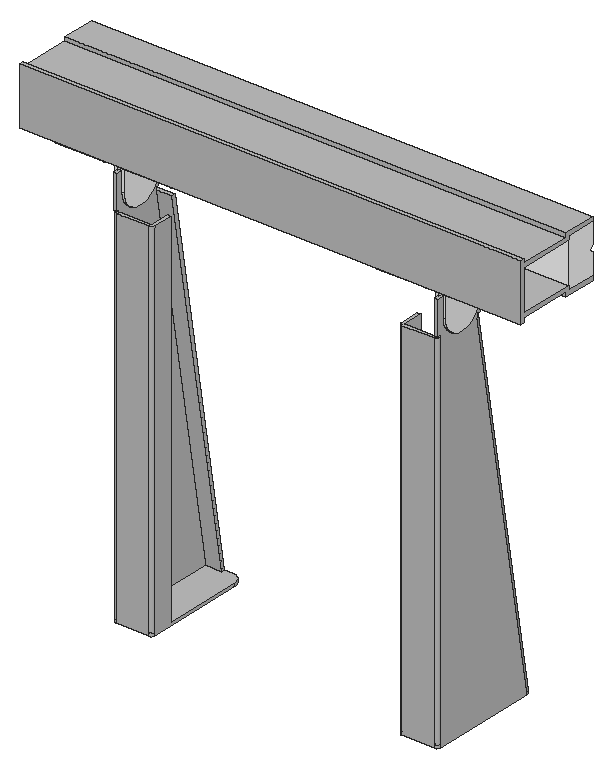
Revit family "4070741+4070746+4070772 Feilo Sylvania Lighting Fixture CURSUS 306MM 192LM WIDE LED 4K with CONTINUOUS WALL HOUSING with 250MM WALL BRACKET", category Lighting Fixtures, host Face, Revit 2017
Family settings
  Host = Face
  Round Connector Dimension = Use Diameter
  Part Type = Normal
  OmniClass Number = 23.80.70.14
  OmniClass Title = Luminaries for External Lighting
  Cut with Voids When Loaded = Yes
  Light Source = No
  Shared = No
  Room Calculation Point = No
Parameters (values of type "4070741 CURSUS 306MM 192LM WIDE LED 4K")
  Weight = "0.6 kg"
  Wattage Comments = "n/a"
  WarrantyStartDate [instance] = "n/a"
  WarrantyGuarantorParts = "n/a"
  WarrantyDurationUnit = "n/a"
  WarrantyDurationParts = "n/a"
  WarrantyDescription = "n/a"
  Voltage = 24 V
  URL = "http://www.sylvania-lighting.com"
  TypeName = "CURSUS 306MM 192LM WIDE LED 4K"
  TypeFixture_FEILO = CURSUS with CONTINUOUS WALL HOUSING : CURSUS 306MM 192LM WIDE LED 4K
  Type Image = <None>
  Type Comments = "n/a"
  TiltAngle [instance] = 0.00°
  StartAngle [instance] = TiltAngle + 270.00°  # 270.00°
  SerialNumber [instance] = "n/a"
  ReflectorMaterial = none
  PowerFactor = 0
  PowerConsumption = "4.5 W"
  NominalLength = 306 mm
  NominalHeight = 50 mm
  NominalDepth = 30 mm
  Name = "CURSUS 306MM 192LM WIDE LED 4K"
  ModelReference = Name  # "CURSUS 306MM 192LM WIDE LED 4K"
  ModelNumber = "4070741"
  Model = Name  # "CURSUS 306MM 192LM WIDE LED 4K"
  Material = "natural anodised extruded aluminium structure housing"
  ManufacturerName = "Feilo Sylvania"
  Manufacturer = "Feilo Sylvania"
  LuminousEfficacy = "42.66 lm/W"
  LuminaireType = ""
  LightOutputRatio = "100"
  LampsType = Lamp  # "LED"
  LampNominalLuminous = "192 lm"
  LampMacAdamStep = "n/a"
  LampColourTemperature = "4000 K"
  LampColourRenderingIndex = "80"
  Lamp = "LED"
  Keynote = "16500"
  InstallationDate [instance] = "n/a"
  InputVoltage = "24V DC"
  InputNominalFrequency = "n/a"
  IngressProtection = "IP67"
  ImpactProtectionIndex = "IK07"
  IfcExportType = "IfcLightFixtureType"
  IfcExportAs = "IfcLightFixtureType"
  ExpectedLife = 50000
  EndAngle [instance] = StartAngle - 180.00°  # 90.00°
  ElectricShockClassification = "Class III"
  DurationUnit = "hours"
  DocumentationLiterature = "http://www.sylvania-lighting.com/product/en-int/products/4070741"
  DimmingControlOptions = "n/a"
  DiffuserMaterial = Diffuser-Sylvania-Glow
  Description = "LED Exterior Lighting Recessed Surface Mounted Linear Fixture, Natural anodised extruded aluminium structure. Die-cast aluminium end caps. Installation kit with harmonic steel springs., 192 lm, 4,5W,  42lm/W, 4000K, CRI80+,non dimmable,IP67, IK07, (HxWxD) 306x50x30mm, 3 step Mac Adam Ellipse, 0.6kg,, Classe III, 21-25V-DC, energy class : A++, A+, A"
  Default Elevation = 1219.2 mm
  CreatedOn = "1/8/2018"
  CreatedBy = ""
  Cost = 0
  built-in parameter 1114216 [instance] = (empty or 0)
  ClassificationValue = "EF_70_80"
  ClassificationName = "Uniclass2015"
  BracketWidth = 24 mm
  BracketThickness = 2 mm
  BracketHeightEnd = 32 mm
  BracketHeight = 70 mm
  BracketFlange = BracketHeight / 5  # 14 mm
  BracketExtension = 250 mm
  BracketEndReduction = 25 mm
  BracketC = 22 mm  # constant formula
  BracketDistance = 175 mm
  BracketD = BracketHeightEnd - (BracketC * (BracketHeight - BracketHeightEnd) / (BracketExtension - BracketEndReduction))  # 28.284 mm
  BodyMaterial = Body-Sylvania-Gray
  BarCode [instance] = "n/a"
  AssetType = "Fixed"
  AssetIdentifier [instance] = "n/a"
  Assembly Code = "D5020200"
  Apparent Load = 4.5 VA
  AccessoryMaterial = Diffuser-Sylvania-Glow
Reference planes
  plane 1 "Center (Front/Back)": y = 0
  plane 2: z = 0
  plane 3 "Center (Left/Right)": x = 0
  plane 4: x = -99.5
  plane 5: x = 99.5
  plane 6: y = 70
  plane 7: x = -75.5
  plane 8: x = 75.5
  plane 9: z = 250
  plane 10: z = 236
  plane 11: z = 2
  plane 12: z = 225
  plane 13: x = -97.5
  plane 14: y = 68
  plane 15: y = 2
  plane 16: x = -77.5
  plane 17: x = 77.5
  plane 18: x = 97.5
  plane 19: x = -87.5
  plane 20: x = 87.5
  plane 21: y = 14
  plane 22: y = 32
  plane 23: y = 30
  plane 24: z = 247
  plane 25: y = 28.284
  plane 26: y = 16
Forms (mm)
  Blend 1, solid, material "Body-Sylvania-Gray" <- "BodyMaterial"
    base sketch origin (1223.4, -4572, 2) x (0, -1, 0) y (1, 0, 0)
      loop
        line (-4640, -1310.9) -> (-4642, -1310.9) -> (-4642, -1320.9)
        arc (-4642, -1320.9) -> (-4641.414, -1322.314) -> (-4640, -1322.9) r 2
        line (-4640, -1322.9) -> (-4574, -1322.9)
        arc (-4574, -1322.9) -> (-4572.586, -1322.314) -> (-4572, -1320.9) r 2
        line (-4572, -1320.9) -> (-4572, -1300.9)
        arc (-4572, -1300.9) -> (-4572.586, -1299.486) -> (-4574, -1298.9) r 2
        line (-4574, -1298.9) -> (-4586, -1298.9) -> (-4586, -1300.9) -> (-4574, -1300.9) -> (-4574, -1320.9) -> (-4640, -1320.9) -> (-4640, -1310.9)
    top sketch origin (1223.4, -4572, 2) x (0, -1, 0) y (1, 0, 0)
      loop
        line (-4586, -1300.9) -> (-4574, -1300.9) -> (-4574, -1320.9) -> (-4602, -1320.9) -> (-4602, -1310.9) -> (-4604, -1310.9) -> (-4604, -1320.9)
        arc (-4604, -1320.9) -> (-4603.52, -1322.21) -> (-4602.309, -1322.9) r 2.028
        line (-4602.309, -1322.9) -> (-4574, -1322.9)
        arc (-4574, -1322.9) -> (-4572.586, -1322.314) -> (-4572, -1320.9) r 2
        line (-4572, -1320.9) -> (-4572, -1300.9)
        arc (-4572, -1300.9) -> (-4572.586, -1299.486) -> (-4574, -1298.9) r 2
        line (-4574, -1298.9) -> (-4586, -1298.9) -> (-4586, -1300.9)
    from 0 to 223
  Extrusion 2, solid, material "Body-Sylvania-Gray" <- "BodyMaterial"
    sketch origin (0, 0, 0) x (1, 0, 0) y (0, 1, 0)
      loop
        arc (-97.5, 70) -> (-98.914, 69.414) -> (-99.5, 68) r 2
        line (-99.5, 68) -> (-99.5, 2)
        arc (-99.5, 2) -> (-98.914, 0.586) -> (-97.5, 0) r 2
        line (-97.5, 0) -> (-77.5, 0)
        arc (-77.5, 0) -> (-76.086, 0.586) -> (-75.5, 2) r 2
        line (-75.5, 2) -> (-75.5, 62.5)
        arc (-75.5, 62.5) -> (-77.697, 67.803) -> (-83, 70) r 7.5
        line (-83, 70) -> (-97.5, 70)
      loop
        line (97.5, 70) -> (83, 70)
        arc (83, 70) -> (77.697, 67.803) -> (75.5, 62.5) r 7.5
        line (75.5, 62.5) -> (75.5, 2)
        arc (75.5, 2) -> (76.086, 0.586) -> (77.5, 0) r 2
        line (77.5, 0) -> (97.5, 0)
        arc (97.5, 0) -> (98.914, 0.586) -> (99.5, 2) r 2
        line (99.5, 2) -> (99.5, 68)
        arc (99.5, 68) -> (98.914, 69.414) -> (97.5, 70) r 2
    from 0 to 2
  Blend 3, solid, material "Body-Sylvania-Gray" <- "BodyMaterial"
    base sketch origin (1223.4, -4572, 2) x (0, -1, 0) y (1, 0, 0)
      loop
        line (-4640, -1125.9) -> (-4574, -1125.9) -> (-4574, -1145.9) -> (-4586, -1145.9) -> (-4586, -1147.9) -> (-4574, -1147.9)
        arc (-4574, -1147.9) -> (-4572.586, -1147.314) -> (-4572, -1145.9) r 2
        line (-4572, -1145.9) -> (-4572, -1125.9)
        arc (-4572, -1125.9) -> (-4572.586, -1124.486) -> (-4574, -1123.9) r 2
        line (-4574, -1123.9) -> (-4640, -1123.9)
        arc (-4640, -1123.9) -> (-4641.414, -1124.486) -> (-4642, -1125.9) r 2
        line (-4642, -1125.9) -> (-4642, -1135.9) -> (-4640, -1135.9) -> (-4640, -1125.9)
    top sketch origin (1223.4, -4572, 2) x (0, -1, 0) y (1, 0, 0)
      loop
        line (-4602, -1135.9) -> (-4602, -1125.9) -> (-4574, -1125.9) -> (-4574, -1145.9) -> (-4586, -1145.9) -> (-4586, -1147.9) -> (-4574, -1147.9)
        arc (-4574, -1147.9) -> (-4572.586, -1147.314) -> (-4572, -1145.9) r 2
        line (-4572, -1145.9) -> (-4572, -1125.9)
        arc (-4572, -1125.9) -> (-4572.586, -1124.486) -> (-4574, -1123.9) r 2
        line (-4574, -1123.9) -> (-4602, -1123.9)
        arc (-4602, -1123.9) -> (-4603.414, -1124.486) -> (-4604, -1125.9) r 2
        line (-4604, -1125.9) -> (-4604, -1135.9) -> (-4602, -1135.9)
    from 0 to 223
  Blend 4, solid, material "Body-Sylvania-Gray" <- "BodyMaterial"
    base sketch origin (1223.4, -4572, 225) x (0, -1, 0) y (1, 0, 0)
      loop
        line (-4604, -1322.9) -> (-4572, -1322.9) -> (-4572, -1320.9) -> (-4604, -1320.9) -> (-4604, -1322.9)
    top sketch origin (1223.4, -4572, 225) x (0, -1, 0) y (1, 0, 0)
      loop
        line (-4572, -1322.9) -> (-4572, -1320.9) -> (-4600.284, -1320.9) -> (-4600.284, -1322.9) -> (-4572, -1322.9)
    from 0 to 22
  Blend 5, solid, material "Body-Sylvania-Gray" <- "BodyMaterial"
    base sketch origin (1223.4, -4572, 225) x (0, -1, 0) y (1, 0, 0)
      loop
        line (-4604, -1125.9) -> (-4572, -1125.9) -> (-4572, -1123.9) -> (-4604, -1123.9) -> (-4604, -1125.9)
    top sketch origin (1223.4, -4572, 225) x (0, -1, 0) y (1, 0, 0)
      loop
        line (-4572, -1123.9) -> (-4600.284, -1123.9) -> (-4600.284, -1125.9) -> (-4572, -1125.9) -> (-4572, -1123.9)
    from 0 to 22
  Extrusion 6, void
    sketch origin (0, 0, 0) x (0, 1, 0) y (0, 0, 1)
      loop
        line (0, 225) -> (2, 225) -> (2, 226.5) -> (0, 226.5) -> (0, 225)
      loop
        line (32, 225) -> (32, 226.5) -> (30, 226.5) -> (30, 225) -> (32, 225)
    from -99.5 to 99.5
  Revolve 7, solid, not visible
    sketch origin (1524, 16, 1219.2) x (1, 0, 0) y (0, 0, 1)
      loop
        line (-1524, -972.2) -> (-1524, -983.2) -> (-1436.5, -983.2) -> (-1436.5, -972.2) -> (-1524, -972.2)
      axis (-1436.5, -983.2) -> (-1524, -983.2)
    angle from 270 <- "StartAngle" to 90 <- "EndAngle"
Cuts and joins
  Extrusion 6 cuts Blend 4
  Extrusion 6 cuts Blend 5
  joined: Blend 1, Extrusion 2, Blend 3, Blend 4, Blend 5
Lines and regions (mm)
  reference lines, not visible
    curve 1: line (-75.5, 16, 236) -> (75.5, 16, 236)
Dimensions and locks
  equal spacing: plane 4, plane 3 "Center (Left/Right)", plane 5
  "BracketDistance": plane 19 to plane 20
  "BracketHeight": plane 1 "Center (Front/Back)" to plane 6
  equal spacing: plane 7, plane 3 "Center (Left/Right)", plane 8
  "BracketWidth": plane 4 to plane 7
  "BracketExtension": plane 9 to plane 2
  "BracketThickness": plane 11 to plane 2
  "BracketEndReduction": plane 9 to plane 12
  equal spacing: plane 13, plane 3 "Center (Left/Right)", plane 18
  equal spacing: plane 16, plane 3 "Center (Left/Right)", plane 17
  "BracketThickness": plane 4 to plane 13
  "BracketThickness": plane 16 to plane 7
  "BracketThickness": plane 14 to plane 6
  "BracketThickness": plane 1 "Center (Front/Back)" to plane 15
  equal spacing: plane 4, plane 19, plane 7
  equal spacing: plane 8, plane 20, plane 5
  "BracketFlange": plane 1 "Center (Front/Back)" to plane 21
  "BracketHeightEnd": plane 1 "Center (Front/Back)" to plane 22
  "BracketThickness": plane 23 to plane 22
  locked: Extrusion 2 sketch curve to plane 7 at 7.5
  locked: Extrusion 2 sketch curve to plane 6 at 7.5  (x2)
  locked: plane 8 to Extrusion 2 sketch curve at 7.5
  "BracketC": plane 24 to plane 12
  "BracketD": plane 1 "Center (Front/Back)" to plane 25
  locked: plane 12 to Extrusion 6 sketch curve at 1.5
  equal spacing: plane 24, plane 10, plane 12
  equal spacing: plane 1 "Center (Front/Back)", plane 26, plane 22
  aligned and locked: plane 2 to host face
  aligned and locked: level to host face
  aligned and locked: plane 4 to Blend 1 sketch curve  (x2)
  aligned and locked: plane 13 to Blend 1 sketch curve  (x3)
  aligned and locked: Blend 1 sketch curve to plane 15
  aligned and locked: Blend 1 sketch curve to plane 16
  aligned and locked: Blend 1 sketch curve to plane 21
  aligned and locked: plane 7 to Blend 1 sketch curve
  aligned and locked: plane 16 to Blend 1 sketch curve
  aligned and locked: plane 1 "Center (Front/Back)" to Blend 1 sketch curve
  aligned and locked: plane 14 to Blend 1 sketch curve
  aligned and locked: Blend 1 sketch curve to var sketch  (x6)
  aligned and locked: Blend 1 sketch curve to plane 19
  aligned and locked: Blend 1 sketch curve to plane 22
  aligned and locked: plane 23 to Blend 1 sketch curve
  aligned and locked: plane 11 to Blend 1
  aligned and locked: Extrusion 2 sketch curve to Blend 1  (x3)
  aligned and locked: Extrusion 2 to level
  aligned and locked: Extrusion 2 to plane 11
  aligned and locked: Extrusion 2 sketch curve to plane 7
  aligned and locked: plane 18 to Blend 3 sketch curve  (x4)
  aligned and locked: plane 14 to Blend 3 sketch curve  (x2)
  aligned and locked: Blend 3 sketch curve to plane 20
  aligned and locked: Blend 3 sketch curve to plane 6
  aligned and locked: plane 5 to Blend 3 sketch curve
  aligned and locked: plane 1 "Center (Front/Back)" to Blend 3 sketch curve
  aligned and locked: plane 15 to Blend 3 sketch curve  (x2)
  aligned and locked: Blend 3 sketch curve to plane 8
  aligned and locked: Blend 3 sketch curve to plane 21
  aligned and locked: plane 17 to Blend 3 sketch curve
  aligned and locked: Blend 3 sketch curve to plane 18
  aligned and locked: plane 20 to Blend 3 sketch curve  (x2)
  aligned and locked: Blend 3 sketch curve to plane 23
  aligned and locked: Blend 3 sketch curve to var sketch  (x8)
  aligned and locked: var sketch to Blend 3 sketch curve
  aligned and locked: plane 22 to Blend 3 sketch curve
  aligned and locked: plane 11 to Blend 3
  aligned and locked: Extrusion 2 sketch curve to Blend 3  (x4)
  aligned and locked: Blend 1 to plane 12
  aligned and locked: Blend 3 to plane 12
  aligned and locked: Blend 4 sketch curve to plane 22
  aligned and locked: Blend 4 sketch curve to cut or joined group of Blend 1, Extrusion 2, Blend 3, Blend 4, Blend 5, Extrusion 6  (x2)
  aligned and locked: cut or joined group of Blend 1, Extrusion 2, Blend 3, Blend 4, Blend 5, Extrusion 6 to Blend 4 sketch curve
  aligned and locked: Blend 4 sketch curve to var sketch  (x2)
  aligned and locked: Blend 4 sketch curve to plane 13
  aligned and locked: Blend 4 to plane 24
  aligned and locked: Blend 4 sketch curve to plane 25
  aligned and locked: Blend 5 sketch curve to plane 18  (x2)
  aligned and locked: plane 1 "Center (Front/Back)" to Blend 5 sketch curve
  aligned and locked: plane 5 to Blend 5 sketch curve
  aligned and locked: plane 22 to Blend 5 sketch curve
  aligned and locked: Blend 5 sketch curve to var sketch
  aligned and locked: var sketch to Blend 5 sketch curve
  aligned and locked: Blend 5 sketch curve to plane 25
  aligned and locked: Blend 5 to plane 24
  aligned and locked: plane 12 to Blend 5
  aligned and locked: Extrusion 6 sketch curve to cut or joined group of Blend 1, Extrusion 2, Blend 3, Blend 4, Blend 5, Extrusion 6  (x2)
  aligned and locked: Extrusion 6 sketch curve to Extrusion 6 sketch curve
  aligned and locked: Extrusion 6 sketch curve to plane 15
  aligned and locked: plane 5 to Extrusion 6
  aligned and locked: Extrusion 6 to plane 4
  aligned and locked: Extrusion 6 sketch curve to plane 23
  aligned and locked: Revolve 7 sketch curve to plane 10  (x2)
  aligned and locked: plane 24 to Revolve 7 sketch curve
  aligned and locked: plane 3 "Center (Left/Right)" to Revolve 7 sketch curve
  aligned and locked: Revolve 7 sketch curve to plane 20
  aligned and locked: plane 7 to curve 1
  aligned and locked: plane 10 to curve 1
  aligned and locked: nested 1 to plane 5
  aligned and locked: nested 2 to plane 4
  aligned and locked: nested 1 to curve 1
  aligned and locked: nested 2 to curve 1
  aligned and locked: nested 3 to plane 3 "Center (Left/Right)"
  aligned and locked: nested 1 to nested 3
Automatic sketch dimensions
  host sketch curve to host sketch curve = 2438.4 mm  (x2)
  Blend 1 sketch curve to plane 13 = 0 mm
  plane 15 to Blend 1 sketch curve = 0 mm  (x3)
  Blend 1 sketch curve to plane 23 = 0.309 mm
  plane 6 to Blend 1 sketch curve = 0 mm
  plane 14 to Blend 1 sketch curve = 0 mm
  Blend 1 sketch curve to plane 19 = 0 mm
  Blend 3 sketch curve to plane 17 = 0 mm
  Extrusion 6 sketch curve to plane 1 "Center (Front/Back)" = 0 mm
  plane 12 to Extrusion 6 sketch curve = 0 mm
  Revolve 7 sketch curve to plane 4 = 1153 mm
  plane 5 to Revolve 7 sketch curve = 1161.4 mm
  curve 1 to plane 8 = 0 mm
Nested families
  nested 1: "MountingPlate" at (98.5, 16, 236) x (-1, 0, 0) z (0, 0, 1), type "MountingPlate"
  nested 2: "MountingPlate" at (-98.5, 16, 236) x (-1, 0, 0) z (0, 0, 1), type "MountingPlate"
  nested 3: "CURSUS with CONTINUOUS WALL HOUSING" at (0, -4, 254) x (-1, 0, 0) z (0, 0, 1), type <- "TypeFixture_FEILO", type "CURSUS 306MM 192LM WIDE LED 4K"
    with WarrantyStartDate "n/a", SerialNumber "n/a", InstallationDate "n/a", EndCapRight no, EndCapLeft no, built-in parameter 1114216 (empty or 0), BarCode "n/a", AssetIdentifier "n/a"
Connectors
  electrical at (0, 0, 0), driven by "Voltage", driven by "Apparent Load", driven by "PowerFactor"
    settings: index 1, voltage 24 V, apparent load 4.5 VA, apparent load phase1 0 VA, apparent load phase2 0 VA, apparent load phase3 0 VA, power factor 0, load classification "Other", number of poles 1, system type 30, power factor state 1, is connector primary yes, connector utility no, sub classification motor no, connector description ""
Definition of nested family "MountingPlate"
  Parameters (values of type "MountingPlate")
    URL = "http://www.feilosylvania.com"
    Type Comments = "n/a"
    ReflectorMaterial = none
    MountingPlateWidth = 76 mm
    MountingPlateThickness = 2 mm
    MountingPlateRadiusBack = 12 mm
    MountingPlateRadius = 3 mm
    MountingPlateHeight = 35 mm
    Model = "n/a"
    Manufacturer = "Feilo Sylvania"
    Keynote = "n/a"
    DiffuserMaterial = none
    Description = "n/a"
    Default Elevation = 1219.2 mm
    Cost = 0
    BodyMaterial = none
    Assembly Code = "n/a"
    AccessoryMaterial = none
  Reference planes
    plane 1 "Center (Front/Back)": y = 0
    plane 2: z = 0
    plane 3 "Center (Left/Right)": x = 0
    plane 4: x = -38
    plane 5: x = 38
    plane 6: y = 17.5
    plane 7: y = -17.5
    plane 8: x = -3
    plane 9: x = 3
    plane 10: z = 18
    plane 11: z = 16
    plane 12: y = 12.5
    plane 13: y = -12.5
    plane 14: x = -1
    plane 15: x = 1
    plane 16: z = -12.5
    plane 17: z = -14.5
  Forms (mm)
    Extrusion 1, solid
      sketch origin (1.653, 0, 0) x (1, 0, 0) y (0, 1, 0)
        loop
          line (-1219.2, 1219.2) -> (-1219.2, -1219.2) -> (1219.2, -1219.2) -> (1219.2, 1219.2) -> (-1219.2, 1219.2)
      from 0 to -304.8
    Extrusion 2, solid, material <- "BodyMaterial"
      sketch origin (1218.4, -4572, 16) x (0, -1, 0) y (-1, 0, 0)
        loop
          line (-4589.5, 1253.4) -> (-4589.5, 1224.4)
          arc (-4589.5, 1224.4) -> (-4588.621, 1222.279) -> (-4586.5, 1221.4) r 3
          line (-4586.5, 1221.4) -> (-4557.5, 1221.4)
          arc (-4557.5, 1221.4) -> (-4555.379, 1222.279) -> (-4554.5, 1224.4) r 3
          line (-4554.5, 1224.4) -> (-4554.5, 1253.4)
          arc (-4554.5, 1253.4) -> (-4555.379, 1255.521) -> (-4557.5, 1256.4) r 3
          line (-4557.5, 1256.4) -> (-4586.5, 1256.4)
          arc (-4586.5, 1256.4) -> (-4588.621, 1255.521) -> (-4589.5, 1253.4) r 3
        loop
          arc (-4589.5, 1183.4) -> (-4588.621, 1181.279) -> (-4586.5, 1180.4) r 3
          line (-4586.5, 1180.4) -> (-4557.5, 1180.4)
          arc (-4557.5, 1180.4) -> (-4555.379, 1181.279) -> (-4554.5, 1183.4) r 3
          line (-4554.5, 1183.4) -> (-4554.5, 1212.4)
          arc (-4554.5, 1212.4) -> (-4555.379, 1214.521) -> (-4557.5, 1215.4) r 3
          line (-4557.5, 1215.4) -> (-4586.5, 1215.4)
          arc (-4586.5, 1215.4) -> (-4588.621, 1214.521) -> (-4589.5, 1212.4) r 3
          line (-4589.5, 1212.4) -> (-4589.5, 1183.4)
      from 0 to -2
    Extrusion 3, solid, material <- "BodyMaterial"
      sketch origin (0, 0, 0) x (1, 0, 0) y (0, 0, 1)
        loop
          line (-3, 18) -> (-3, -12.5) -> (-1, -12.5) -> (-1, 16)
          arc (-1, 16) -> (-1.586, 17.414) -> (-3, 18) r 2
        loop
          line (3, -12.5) -> (3, 18)
          arc (3, 18) -> (1.586, 17.414) -> (1, 16) r 2
          line (1, 16) -> (1, -12.5) -> (3, -12.5)
      from -12.5 to 12.5
    Extrusion 4, void
      sketch origin (0, 0, 0) x (0, 1, 0) y (0, 0, 1)
        loop
          line (-12.5, -0.5) -> (-17.5, -0.5) -> (-17.5, -14.5) -> (-0.5, -14.5) -> (-0.5, -12.5)
          arc (-0.5, -12.5) -> (-8.985, -8.985) -> (-12.5, -0.5) r 12
        loop
          line (0.5, -12.5) -> (0.5, -14.5) -> (17.5, -14.5) -> (17.5, -0.5) -> (12.5, -0.5)
          arc (12.5, -0.5) -> (8.985, -8.985) -> (0.5, -12.5) r 12
      from -3 to 3
  Cuts and joins
    Extrusion 4 cuts Extrusion 2
    Extrusion 4 cuts Extrusion 3
    joined: Extrusion 2, Extrusion 3
  Lines and regions (mm)
    reference lines
      curve 1: line (-38, 0, 0) -> (38, 0, 0)
  Dimensions and locks
    equal spacing: plane 4, plane 3 "Center (Left/Right)", plane 5
    "MountingPlateWidth": plane 4 to plane 5
    equal spacing: plane 7, plane 1 "Center (Front/Back)", plane 6
    "MountingPlateHeight": plane 7 to plane 6
    equal spacing: plane 8, plane 3 "Center (Left/Right)", plane 9
    "MountingPlateHeight": plane 4 to plane 8
    locked: plane 10 to plane 2 at 18
    "MountingPlateThickness": plane 10 to plane 11
    equal spacing: plane 13, plane 1 "Center (Front/Back)", plane 12
    locked: plane 13 to plane 12 at 25
    "MountingPlateRadius": plane 4 to Extrusion 2 sketch curve  (x2)
    "MountingPlateRadius": Extrusion 2 sketch curve to plane 6  (x4)
    "MountingPlateRadius": Extrusion 2 sketch curve to plane 8  (x2)
    "MountingPlateRadius": plane 7 to Extrusion 2 sketch curve  (x4)
    "MountingPlateRadius": plane 9 to Extrusion 2 sketch curve  (x2)
    "MountingPlateRadius": Extrusion 2 sketch curve to plane 5  (x2)
    equal spacing: plane 15, plane 3 "Center (Left/Right)", plane 14
    "MountingPlateThickness": plane 14 to plane 8
    locked: plane 2 to plane 16 at 12.5
    locked: plane 17 to plane 16 at 2
    "MountingPlateRadiusBack": plane 13 to Extrusion 4 sketch curve
    "MountingPlateRadiusBack": plane 16 to Extrusion 4 sketch curve  (x2)
    "MountingPlateRadiusBack": Extrusion 4 sketch curve to plane 12
    aligned and locked: plane 2 to Extrusion 1
    aligned and locked: level to Extrusion 1
    aligned and locked: Extrusion 2 sketch curve to plane 6
    aligned and locked: Extrusion 2 sketch curve to plane 4
    aligned and locked: plane 7 to Extrusion 2 sketch curve
    aligned and locked: plane 8 to Extrusion 2 sketch curve
    aligned and locked: plane 6 to Extrusion 2 sketch curve
    aligned and locked: Extrusion 2 sketch curve to plane 5
    aligned and locked: Extrusion 2 sketch curve to plane 7
    aligned and locked: plane 9 to Extrusion 2 sketch curve
    aligned and locked: Extrusion 2 to plane 10
    aligned and locked: plane 11 to Extrusion 2
    aligned and locked: Extrusion 3 sketch curve to Extrusion 2  (x2)
    aligned and locked: plane 16 to Extrusion 3 sketch curve  (x2)
    aligned and locked: plane 14 to Extrusion 3 sketch curve
    aligned and locked: plane 9 to Extrusion 3 sketch curve
    aligned and locked: plane 15 to Extrusion 3 sketch curve
    aligned and locked: Extrusion 3 to plane 12
    aligned and locked: plane 13 to Extrusion 3
    aligned and locked: plane 17 to Extrusion 4 sketch curve  (x2)
    aligned and locked: Extrusion 4 sketch curve to plane 7
    aligned and locked: Extrusion 4 sketch curve to plane 6
    aligned and locked: plane 9 to Extrusion 4
    aligned and locked: Extrusion 4 to plane 8
    aligned and locked: plane 4 to curve 1
    aligned and locked: curve 1 to level
  Automatic sketch dimensions
    Extrusion 1 sketch curve to Extrusion 1 sketch curve = 2438.4 mm  (x2)
    Extrusion 3 sketch curve to plane 11 = 0 mm
    curve 1 to plane 5 = 0 mm
    Extrusion 4 sketch curve to plane 13 = 0 mm
    Extrusion 4 sketch curve to plane 12 = 0 mm
Definition of nested family "CURSUS with CONTINUOUS WALL HOUSING"
  Parameters (values of type "CURSUS 1161MM 827LM OVAL LED 3K")
    Width_FEILO = 35 mm
    Weight = "2.2 kg"
    Wattage Comments = "n/a"
    Wattage = 18 W
    WarrantyStartDate [instance] = "n/a"
    WarrantyGuarantorParts = "n/a"
    WarrantyDurationUnit = "n/a"
    WarrantyDurationParts = "n/a"
    WarrantyDescription = "n/a"
    WallThickness_FEILO = 2.5 mm
    built-in parameter 1150110 = 1 (stored number, unit not read)
    Voltage = 24 V
    URL = "http://www.feilosylvania.com"
    TypeName = "CURSUS 1161MM 827LM OVAL LED 3K"
    Type Image = (empty or 0)
    Type Comments = "n/a"
    built-in parameter 1114217 = 1 (stored number, unit not read)
    Tilt Angle = -90.00°
    built-in parameter 1150109 = 1 (stored number, unit not read)
    built-in parameter 1150134 = (empty or 0)
    built-in parameter 1150113 = 1 (stored number, unit not read)
    SerialNumber [instance] = "n/a"
    ReflectorMaterial = none
    PowerFactor = 0
    PowerConsumption = "18 W"
    Photometric Web File = "4070765.ies"
    NominalLength = 1161 mm
    NominalHeight = 50 mm
    NominalDepth = 30 mm
    Name = "CURSUS 1161MM 827LM OVAL LED 3K"
    ModelReference = Name  # "CURSUS 1161MM 827LM OVAL LED 3K"
    ModelNumber = ""
    Model = Name  # "CURSUS 1161MM 827LM OVAL LED 3K"
    Material = "natural anodised extruded aluminium structure housing, optical system with pmma lenses diffuser"
    ManufacturerName = "Feilo Sylvania"
    Manufacturer = "Feilo Sylvania"
    LuminousEfficacy = "45.94 lm/W"
    built-in parameter 1150105 = 65.811 (stored number, unit not read)
    Lumens = 827 lm
    LuminaireType = ""
    built-in parameter 1150115 = 1 (stored number, unit not read)
    LightOutputRatio = "100"
    built-in parameter 1150137 = (empty or 0)
    built-in parameter 1150139 = (empty or 0)
    Length_FEILO = 1167 mm
    LampsType = Lamp  # "LED"
    LampNominalLuminous = "827 lm"
    LampMacAdamStep = "n/a"
    LampColourTemperature = "3000 K"
    LampColourRenderingIndex = "80"
    built-in parameter 1150112 = 1 (stored number, unit not read)
    built-in parameter 1150114 = 1 (stored number, unit not read)
    Lamp = "LED"
    Keynote = "16500"
    InstallationDate [instance] = "n/a"
    InputVoltage = "24V DC"
    InputNominalFrequency = "n/a"
    built-in parameter 1150132 = (empty or 0)
    built-in parameter 1150102 = (empty or 0)
    built-in parameter 1150107 = 3000 (stored number, unit not read)
    built-in parameter 1150138 = (empty or 0)
    IngressProtection = "IP67"
    ImpactProtectionIndex = "IK07"
    built-in parameter 1150106 = 0.65811 (stored number, unit not read)
    IfcExportType = "IfcLightFixtureType"
    IfcExportAs = "IfcLightFixtureType"
    ExpectedLife = 50000
    EndCapRight [instance] = no
    EndCapLeft [instance] = no
    Emit from Rectangle Width = Width_FEILO - WallThickness_FEILO * 2  # 30 mm
    Emit from Rectangle Length = Length_FEILO - WallThickness_FEILO * 2  # 1162 mm
    Emit Shape Visible in Rendering = no
    ElectricShockClassification = "Class III"
    built-in parameter 1150104 = 4.2684 (stored number, unit not read)
    DurationUnit = "hours"
    DocumentationLiterature = "http://www.feilosylvania.com/product/en-int/products/4070765"
    DimmingControlOptions = "n/a"
    Dimming Lamp Color Temperature Shift = (empty or 0)
    DiffuserMaterial = none
    Description = "LED Exterior Lighting Recessed Surface Mounted Linear Fixture, Natural anodised extruded aluminium structure. Die-cast aluminium end caps. Installation kit with harmonic steel springs., 827 lm, 18W, 45lm/W, 3000K, CRI80+,non dimmable,IP67, IK07, (HxWxD) 1161x50x30mm, 3 step Mac Adam Ellipse, 2.2kg,, Classe III, 21-25V-DC, energy class : A++, A+, A"
    Default Elevation = 1219.2 mm
    CreatedOn = "1/8/2018"
    CreatedBy = "aron.fodor@feilosylvania.com"
    Cost = 0
    Color Filter = 16777215
    built-in parameter 1114216 [instance] = (empty or 0)
    ClassificationValue = "EF_70_80"
    ClassificationName = "Uniclass2015"
    BodyMaterial = none
    BarCode [instance] = "n/a"
    built-in parameter 1114218 = 1 (stored number, unit not read)
    built-in parameter 1150133 = 10 (stored number, unit not read)
    AssetType = "Fixed"
    AssetIdentifier [instance] = "n/a"
    Assembly Code = "D5020200"
    Apparent Load = 18 VA
    AccessoryMaterial = none
  Types (16, lengths in mm): name | Weight | Wattage | Voltage | TypeName | built-in parameter 1150134 | PowerConsumption | Photometric Web File | NominalLength | Name | ModelReference | Model | Material | LuminousEfficacy | built-in parameter 1150105 | Lumens | Length_FEILO | LampNominalLuminous | LampColourTemperature | InputVoltage | InputNominalFrequency | built-in parameter 1150107 | built-in parameter 1150106 | Emit from Rectangle Length | built-in parameter 1150104 | DocumentationLiterature | Description | Apparent Load
    CURSUS 1161MM 827LM OVAL LED 3K | "2.2 kg" | 18 W | 24 V | "CURSUS 1161MM 827LM OVAL LED 3K" | (empty or 0) | "18 W" | "4070765.ies" | 1161 | "CURSUS 1161MM 827LM OVAL LED 3K" | "CURSUS 1161MM 827LM OVAL LED 3K" | "CURSUS 1161MM 827LM OVAL LED 3K" | "natural anodised extruded aluminium structure housing, optical system with pmma lenses diffuser" | "45.94 lm/W" | 65.811 (stored number, unit not read) | 827 lm | 1167 | "827 lm" | "3000 K" | "24V DC" | "n/a" | 3000 (stored number, unit not read) | 0.65811 (stored number, unit not read) | 1162 | 4.2684 (stored number, unit not read) | "http://www.feilosylvania.com/product/en-int/products/4070765" | "LED Exterior Lighting Recessed Surface Mounted Linear Fixture, Natural anodised extruded aluminium structure. Die-cast aluminium end caps. Installation kit with harmonic steel springs., 827 lm, 18W, 45lm/W, 3000K, CRI80+,non dimmable,IP67, IK07, (HxWxD) 1161x50x30mm, 3 step Mac Adam Ellipse, 2.2kg,, Classe III, 21-25V-DC, energy class : A++, A+, A" | 18 VA
    CURSUS 1161MM 731LM WIDE LED 3K | "2.2 kg" | 18 W | 230 V | "CURSUS 1161MM 731LM WIDE LED 3K" | (empty or 0) | "18 W" | "4070764.ies" | 1161 | "CURSUS 1161MM 731LM WIDE LED 3K" | "CURSUS 1161MM 731LM WIDE LED 3K" | "CURSUS 1161MM 731LM WIDE LED 3K" | "natural anodised extruded aluminium structure housing" | "40.61 lm/W" | 58.171 (stored number, unit not read) | 731 lm | 1167 | "731 lm" | "3000 K" | "220-240V~" | "n/a" | 3000 (stored number, unit not read) | 0.58171 (stored number, unit not read) | 1162 | 3.7729 (stored number, unit not read) | "http://www.feilosylvania.com/product/en-int/products/4070764" | "LED Exterior Lighting Recessed Surface Mounted Linear Fixture, Natural anodised extruded aluminium structure. Die-cast aluminium end caps. Installation kit with harmonic steel springs., 731 lm, 18W, 40lm/W, 3000K, CRI80+,non dimmable,IP67, IK07, (HxWxD) 1161x50x30mm, 3 step Mac Adam Ellipse, 2.2kg,, Classe III, 21-25V-DC, energy class : A++, A+, A" | 18 VA
    CURSUS 1161MM 871LM OVAL LED 4K | "2.2 kg" | 18 W | 24 V | "CURSUS 1161MM 871LM OVAL LED 4K" | 12 | "18 W" | "4070763.ies" | 1161 | "CURSUS 1161MM 871LM OVAL LED 4K" | "CURSUS 1161MM 871LM OVAL LED 4K" | "CURSUS 1161MM 871LM OVAL LED 4K" | "natural anodised extruded aluminium structure housing, optical system with pmma lenses diffuser" | "48.38 lm/W" | 69.312 (stored number, unit not read) | 871 lm | 1167 | "871 lm" | "4000 K" | "24V DC" | "50/60 Hz" | 4000 (stored number, unit not read) | 0.69312 (stored number, unit not read) | 1162 | 4.4955 (stored number, unit not read) | "http://www.feilosylvania.com/product/en-int/products/4070763" | "LED Exterior Lighting Recessed Surface Mounted Linear Fixture, Natural anodised extruded aluminium structure. Die-cast aluminium end caps. Installation kit with harmonic steel springs., 871 lm, 18W,  48lm/W, 4000K, CRI80+,non dimmable,IP67, IK07, (HxWxD) 1161x50x30mm, 3 step Mac Adam Ellipse, 2.2kg,, Classe III, 21-25V-DC, energy class : A++, A+, A" | 18 VA
    CURSUS 1161MM 770LM WIDE LED 4K | "2.2 kg" | 18 W | 230 V | "CURSUS 1161MM 770LM WIDE LED 4K" | 12 | "18 W" | "4070762.ies" | 1161 | "CURSUS 1161MM 770LM WIDE LED 4K" | "CURSUS 1161MM 770LM WIDE LED 4K" | "CURSUS 1161MM 770LM WIDE LED 4K" | "natural anodised extruded aluminium structure housing" | "42.77 lm/W" | 61.275 (stored number, unit not read) | 770 lm | 1167 | "770 lm" | "4000 K" | "220-240V~" | "n/a" | 4000 (stored number, unit not read) | 0.61275 (stored number, unit not read) | 1162 | 3.9742 (stored number, unit not read) | "http://www.feilosylvania.com/product/en-int/products/4070762" | "LED Exterior Lighting Recessed Surface Mounted Linear Fixture, Natural anodised extruded aluminium structure. Die-cast aluminium end caps. Installation kit with harmonic steel springs., 770 lm, 18W,  42lm/W, 4000K, CRI80+,non dimmable,IP67, IK07, (HxWxD) 1161x50x30mm, 3 step Mac Adam Ellipse, 2.2kg,, Classe III, 21-25V-DC, energy class : A++, A+, A" | 18 VA
    CURSUS 876MM 620LM OVAL LED 3K | "1.7 kg" | 13.5 W | 24 V | "CURSUS 876MM 620LM OVAL LED 3K" | (empty or 0) | "13.5 W" | "4070758.ies" | 876 | "CURSUS 876MM 620LM OVAL LED 3K" | "CURSUS 876MM 620LM OVAL LED 3K" | "CURSUS 876MM 620LM OVAL LED 3K" | "natural anodised extruded aluminium structure housing, optical system with pmma lenses diffuser" | "45.92 lm/W" | 49.338 (stored number, unit not read) | 620 lm | 882 | "620 lm" | "3000 K" | "24V DC" | "50/60 Hz" | 3000 (stored number, unit not read) | 0.49338 (stored number, unit not read) | 877 | 4.2667 (stored number, unit not read) | "http://www.feilosylvania.com/product/en-int/products/4070758" | "LED Exterior Lighting Recessed Surface Mounted Linear Fixture, Natural anodised extruded aluminium structure. Die-cast aluminium end caps. Installation kit with harmonic steel springs., 620 lm, 13,5W, 45lm/W, 3000K, CRI80+,non dimmable,IP67, IK07, (HxWxD) 876x50x30mm, 3 step Mac Adam Ellipse, 1.7kg,, Classe III, 21-25V-DC, energy class : A++, A+, A" | 13.5 VA
    CURSUS 876MM 548LM WIDE LED 3K | "1.7 kg" | 13.5 W | 24 V | "CURSUS 876MM 548LM WIDE LED 3K" | (empty or 0) | "13.5 W" | "4070757.ies" | 876 | "CURSUS 876MM 548LM WIDE LED 3K" | "CURSUS 876MM 548LM WIDE LED 3K" | "CURSUS 876MM 548LM WIDE LED 3K" | "natural anodised extruded aluminium structure housing" | "40.59 lm/W" | 43.608 (stored number, unit not read) | 548 lm | 882 | "548 lm" | "3000 K" | "24V DC" | "n/a" | 3000 (stored number, unit not read) | 0.43608 (stored number, unit not read) | 877 | 3.7712 (stored number, unit not read) | "http://www.feilosylvania.com/product/en-int/products/4070757" | "LED Exterior Lighting Recessed Surface Mounted Linear Fixture, Natural anodised extruded aluminium structure. Die-cast aluminium end caps. Installation kit with harmonic steel springs., 548 lm, 13,5W, 40lm/W, 3000K, CRI80+,non dimmable,IP67, IK07, (HxWxD) 876x50x30mm, 3 step Mac Adam Ellipse, 1.7kg,, Classe III, 21-25V-DC, energy class : A++, A+, A" | 13.5 VA
    CURSUS 876MM 653LM OVAL LED 4K | "1.7 kg" | 13.5 W | 24 V | "CURSUS 876MM 653LM OVAL LED 4K" | 12 | "13.5 W" | "4070756.ies" | 876 | "CURSUS 876MM 653LM OVAL LED 4K" | "CURSUS 876MM 653LM OVAL LED 4K" | "CURSUS 876MM 653LM OVAL LED 4K" | "natural anodised extruded aluminium structure housing, optical system with pmma lenses diffuser" | "48.37 lm/W" | 51.964 (stored number, unit not read) | 653 lm | 882 | "653 lm" | "4000 K" | "24V DC" | "n/a" | 4000 (stored number, unit not read) | 0.51964 (stored number, unit not read) | 877 | 4.4938 (stored number, unit not read) | "http://www.feilosylvania.com/product/en-int/products/4070756" | "LED Exterior Lighting Recessed Surface Mounted Linear Fixture, Natural anodised extruded aluminium structure. Die-cast aluminium end caps. Installation kit with harmonic steel springs., 653 lm, 13,5W,  48lm/W, 4000K, CRI80+,non dimmable,IP67, IK07, (HxWxD) 876x50x30mm, 3 step Mac Adam Ellipse, 1.7kg,, Classe III, 21-25V-DC, energy class : A++, A+, A" | 13.5 VA
    CURSUS 876MM 577LM WIDE LED 4K | "1.7 kg" | 13.5 W | 24 V | "CURSUS 876MM 577LM WIDE LED 4K" | 12 | "13.5 W" | "4070755.ies" | 876 | "CURSUS 876MM 577LM WIDE LED 4K" | "CURSUS 876MM 577LM WIDE LED 4K" | "CURSUS 876MM 577LM WIDE LED 4K" | "natural anodised extruded aluminium structure housing" | "42.74 lm/W" | 45.916 (stored number, unit not read) | 577 lm | 882 | "577 lm" | "4000 K" | "24V DC" | "n/a" | 4000 (stored number, unit not read) | 0.45916 (stored number, unit not read) | 877 | 3.9707 (stored number, unit not read) | "http://www.feilosylvania.com/product/en-int/products/4070755" | "LED Exterior Lighting Recessed Surface Mounted Linear Fixture, Natural anodised extruded aluminium structure. Die-cast aluminium end caps. Installation kit with harmonic steel springs., 577 lm, 13,5W,  42lm/W, 4000K, CRI80+,non dimmable,IP67, IK07, (HxWxD) 876x50x30mm, 3 step Mac Adam Ellipse, 1.7kg,, Classe III, 21-25V-DC, energy class : A++, A+, A" | 13.5 VA
    CURSUS 591MM 414LM OVAL LED 3K | "1.2 kg" | 9 W | 24 V | "CURSUS 591MM 414LM OVAL LED 3K" | (empty or 0) | "9 W" | "4070751.ies" | 591 | "CURSUS 591MM 414LM OVAL LED 3K" | "CURSUS 591MM 414LM OVAL LED 3K" | "CURSUS 591MM 414LM OVAL LED 3K" | "natural anodised extruded aluminium structure housing, optical system with pmma lenses diffuser" | "46 lm/W" | 32.945 (stored number, unit not read) | 414 lm | 597 | "414 lm" | "3000 K" | "24V DC" | "n/a" | 3000 (stored number, unit not read) | 0.32945 (stored number, unit not read) | 592 | 4.2735 (stored number, unit not read) | "http://www.feilosylvania.com/product/en-int/products/4070751" | "LED Exterior Lighting Recessed Surface Mounted Linear Fixture, Natural anodised extruded aluminium structure. Die-cast aluminium end caps. Installation kit with harmonic steel springs., 414 lm, 9W, 46lm/W, 3000K, CRI80+,non dimmable,IP67, IK07, (HxWxD) 591x50x30mm, 3 step Mac Adam Ellipse, 1.2kg,, Classe III, 21-25V-DC, energy class : A++, A+, A" | 9 VA
    CURSUS 591MM 365LM WIDE LED 3K | "1.2 kg" | 9 W | 24 V | "CURSUS 591MM 365LM WIDE LED 3K" | (empty or 0) | "9 W" | "4070750.ies" | 591 | "CURSUS 591MM 365LM WIDE LED 3K" | "CURSUS 591MM 365LM WIDE LED 3K" | "CURSUS 591MM 365LM WIDE LED 3K" | "natural anodised extruded aluminium structure housing" | "40.55 lm/W" | 29.046 (stored number, unit not read) | 365 lm | 597 | "365 lm" | "3000 K" | "24V DC" | "n/a" | 3000 (stored number, unit not read) | 0.29046 (stored number, unit not read) | 592 | 3.7677 (stored number, unit not read) | "http://www.feilosylvania.com/product/en-int/products/4070750" | "LED Exterior Lighting Recessed Surface Mounted Linear Fixture, Natural anodised extruded aluminium structure. Die-cast aluminium end caps. Installation kit with harmonic steel springs., 365 lm, 9W, 40lm/W, 3000K, CRI80+,non dimmable,IP67, IK07, (HxWxD) 591x50x30mm, 3 step Mac Adam Ellipse, 1.2kg,, Classe III, 21-25V-DC, energy class : A++, A+, A" | 9 VA
    CURSUS 591MM 435LM OVAL LED 4K | "1.2 kg" | 9 W | 24 V | "CURSUS 591MM 435LM OVAL LED 4K" | 12 | "9 W" | "4070749.ies" | 591 | "CURSUS 591MM 435LM OVAL LED 4K" | "CURSUS 591MM 435LM OVAL LED 4K" | "CURSUS 591MM 435LM OVAL LED 4K" | "natural anodised extruded aluminium structure housing, optical system with pmma lenses diffuser" | "48.33 lm/W" | 34.616 (stored number, unit not read) | 435 lm | 597 | "435 lm" | "4000 K" | "24V DC" | "n/a" | 4000 (stored number, unit not read) | 0.34616 (stored number, unit not read) | 592 | 4.4903 (stored number, unit not read) | "http://www.feilosylvania.com/product/en-int/products/4070749" | "LED Exterior Lighting Recessed Surface Mounted Linear Fixture, Natural anodised extruded aluminium structure. Die-cast aluminium end caps. Installation kit with harmonic steel springs., 435 lm, 9W, 48lm/W, 4000K, CRI80+,non dimmable,IP67, IK07, (HxWxD) 591x50x30mm, 3 step Mac Adam Ellipse, 1.2kg,, Classe III, 21-25V-DC, energy class : A++, A+, A" | 9 VA
    CURSUS 591MM 385LM WIDE LED 4K | "1.2 kg" | 9 W | 24 V | "CURSUS 591MM 385LM WIDE LED 4K" | 12 | "9 W" | "4070748.ies" | 591 | "CURSUS 591MM 385LM WIDE LED 4K" | "CURSUS 591MM 385LM WIDE LED 4K" | "CURSUS 591MM 385LM WIDE LED 4K" | "natural anodised extruded aluminium structure housing" | "42.77 lm/W" | 30.637 (stored number, unit not read) | 385 lm | 597 | "385 lm" | "4000 K" | "24V DC" | "n/a" | 4000 (stored number, unit not read) | 0.30637 (stored number, unit not read) | 592 | 3.9742 (stored number, unit not read) | "http://www.feilosylvania.com/product/en-int/products/4070748" | "LED Exterior Lighting Recessed Surface Mounted Linear Fixture, Natural anodised extruded aluminium structure. Die-cast aluminium end caps. Installation kit with harmonic steel springs., 385 lm, 9W,  42lm/W, 4000K, CRI80+,non dimmable,IP67, IK07, (HxWxD) 591x50x30mm, 3 step Mac Adam Ellipse, 1.2kg,, Classe III, 21-25V-DC, energy class : A++, A+, A" | 9 VA
    CURSUS 306MM 207LM OVAL LED3K | "0.6 kg" | 4.5 W | 24 V | "CURSUS 306MM 207LM OVAL LED3K" | (empty or 0) | "4.5 W" | "4070744.ies" | 306 | "CURSUS 306MM 207LM OVAL LED3K" | "CURSUS 306MM 207LM OVAL LED3K" | "CURSUS 306MM 207LM OVAL LED3K" | "natural anodised extruded aluminium structure housing, optical system with pmma lenses diffuser" | "46 lm/W" | 16.473 (stored number, unit not read) | 207 lm | 312 | "207 lm" | "3000 K" | "24V DC" | "n/a" | 3000 (stored number, unit not read) | 0.16473 (stored number, unit not read) | 307 | 4.2735 (stored number, unit not read) | "http://www.feilosylvania.com/product/en-int/products/4070744" | "LED Exterior Lighting Recessed Surface Mounted Linear Fixture, Natural anodised extruded aluminium structure. Die-cast aluminium end caps. Installation kit with harmonic steel springs., 207 lm, 4,5W, 46lm/W, 3000K, CRI80+,non dimmable,IP67, IK07, (HxWxD) 306x50x30mm, 3 step Mac Adam Ellipse, 0.6kg,, Classe III, 21-25V-DC, energy class : A++, A+, A" | 4.5 VA
    CURSUS 306MM 183LM WIDE LED 3K | "0.6 kg" | 4.5 W | 24 V | "CURSUS 306MM 183LM WIDE LED 3K" | (empty or 0) | "4.5 W" | "4070743.ies" | 306 | "CURSUS 306MM 183LM WIDE LED 3K" | "CURSUS 306MM 183LM WIDE LED 3K" | "CURSUS 306MM 183LM WIDE LED 3K" | "natural anodised extruded aluminium structure housing" | "40.66 lm/W" | 14.563 (stored number, unit not read) | 183 lm | 312 | "183 lm" | "3000 K" | "24V DC" | "n/a" | 3000 (stored number, unit not read) | 0.14563 (stored number, unit not read) | 307 | 3.7781 (stored number, unit not read) | "http://www.feilosylvania.com/product/en-int/products/4070743" | "LED Exterior Lighting Recessed Surface Mounted Linear Fixture, Natural anodised extruded aluminium structure. Die-cast aluminium end caps. Installation kit with harmonic steel springs., 183 lm, 4,5W, 40lm/W, 3000K, CRI80+,non dimmable,IP67, IK07, (HxWxD) 306x50x30mm, 3 step Mac Adam Ellipse, 0.6kg,, Classe III, 21-25V-DC, energy class : A++, A+, A" | 4.5 VA
    CURSUS 306MM 218LM OVAL LED 4K | "0.6 kg" | 4.5 W | 24 V | "CURSUS 306MM 218LM OVAL LED 4K" | 12 | "4.5 W" | "4070742.ies" | 306 | "CURSUS 306MM 218LM OVAL LED 4K" | "CURSUS 306MM 218LM OVAL LED 4K" | "CURSUS 306MM 218LM OVAL LED 4K" | "natural anodised extruded aluminium structure housing, optical system with pmma lenses diffuser" | "48.44 lm/W" | 17.348 (stored number, unit not read) | 218 lm | 312 | "218 lm" | "4000 K" | "24V DC" | "n/a" | 4000 (stored number, unit not read) | 0.17348 (stored number, unit not read) | 307 | 4.5006 (stored number, unit not read) | "http://www.feilosylvania.com/product/en-int/products/4070742" | "LED Exterior Lighting Recessed Surface Mounted Linear Fixture, Natural anodised extruded aluminium structure. Die-cast aluminium end caps. Installation kit with harmonic steel springs., 218 lm, 4,5W,  48lm/W, 4000K, CRI80+,non dimmable,IP67, IK07, (HxWxD) 306x50x30mm, 3 step Mac Adam Ellipse, 0.6kg,, Classe III, 21-25V-DC, energy class : A++, A+, A" | 4.5 VA
    CURSUS 306MM 192LM WIDE LED 4K | "0.6 kg" | 4.5 W | 24 V | "CURSUS 306MM 192LM WIDE LED 4K" | 12 | "4.5 W" | "4070741.ies" | 306 | "CURSUS 306MM 192LM WIDE LED 4K" | "CURSUS 306MM 192LM WIDE LED 4K" | "CURSUS 306MM 192LM WIDE LED 4K" | "natural anodised extruded aluminium structure housing" | "42.66 lm/W" | 15.279 (stored number, unit not read) | 192 lm | 312 | "192 lm" | "4000 K" | "24V DC" | "n/a" | 4000 (stored number, unit not read) | 0.15279 (stored number, unit not read) | 307 | 3.9639 (stored number, unit not read) | "http://www.feilosylvania.com/product/en-int/products/4070741" | "LED Exterior Lighting Recessed Surface Mounted Linear Fixture, Natural anodised extruded aluminium structure. Die-cast aluminium end caps. Installation kit with harmonic steel springs., 192 lm, 4,5W,  42lm/W, 4000K, CRI80+,non dimmable,IP67, IK07, (HxWxD) 306x50x30mm, 3 step Mac Adam Ellipse, 0.6kg,, Classe III, 21-25V-DC, energy class : A++, A+, A" | 4.5 VA
  Reference planes
    plane 1 "Center (Front/Back)": y = 0
    plane 2: z = 0
    plane 3 "Center (Left/Right)": x = 0
    plane 4: x = 583.5
    plane 5: x = -583.5
    plane 6: x = -581
    plane 7: x = 581
    plane 8: z = 35
    plane 9: z = 17.5
    plane 10: z = 32.5
    plane 11: z = 2.5
    plane 12: z = 30
    plane 13: z = 5
    plane 14: y = -55
    plane 15: y = -53
    plane 16: y = -2.5
    plane 17: y = -37
    plane 18: y = -34.5
  Forms (mm)
    Extrusion 1, solid
      sketch origin (4.2, 0, 0) x (1, 0, 0) y (0, 1, 0)
        loop
          line (-1219.2, 1219.2) -> (-1219.2, -1219.2) -> (1219.2, -1219.2) -> (1219.2, 1219.2) -> (-1219.2, 1219.2)
      from 0 to -304.8
    Extrusion 2, solid, material <- "BodyMaterial"
      sketch origin (0, 0, 0) x (0, 1, 0) y (0, 0, 1)
        loop
          line (0, 35) -> (-2.5, 35) -> (-2.5, 32.5) -> (-34.5, 32.5) -> (-34.5, 35) -> (-55, 35) -> (-55, 32.5) -> (-37, 32.5) -> (-37, 30) -> (-2.5, 30) -> (-2.5, 5) -> (-37, 5) -> (-37, 2.5) -> (-55, 2.5) -> (-55, 0) -> (-34.5, 0) -> (-34.5, 2.5) -> (-2.5, 2.5) -> (-2.5, 0) -> (0, 0) -> (0, 35)
      from -581 to 581
    Extrusion 3, solid, material <- "DiffuserMaterial"
      sketch origin (0, 0, 0) x (0, 1, 0) y (0, 0, 1)
        loop
          line (-37, 32.5) -> (-55, 32.5) -> (-55, 19.5) -> (-53, 17.5) -> (-55, 15.5) -> (-55, 2.5) -> (-37, 2.5) -> (-37, 32.5)
      from -581 to 581
    Extrusion 4, solid, material <- "BodyMaterial", visible <- "EndCapRight"
      sketch origin (581, 1524, 1219.2) x (0, 1, 0) y (0, 0, 1)
        loop
          line (-1579, -1184.2) -> (-1579, -1219.2) -> (-1524, -1219.2) -> (-1524, -1184.2) -> (-1579, -1184.2)
      from 0 to 2.5
    Extrusion 5, solid, material <- "BodyMaterial", visible <- "EndCapLeft"
      sketch origin (-581, 1524, 1219.2) x (0, 1, 0) y (0, 0, 1)
        loop
          line (-1579, -1184.2) -> (-1579, -1219.2) -> (-1524, -1219.2) -> (-1524, -1184.2) -> (-1579, -1184.2)
      from -2.5 to 0
  Dimensions and locks
    equal spacing: plane 5, plane 3 "Center (Left/Right)", plane 4
    "Length_FEILO": plane 5 to plane 4
    equal spacing: plane 6, plane 3 "Center (Left/Right)", plane 7
    "WallThickness_FEILO": plane 5 to plane 6
    locked: plane 9 to plane 2 at 17.5
    locked: plane 8 to plane 2 at 35
    equal spacing: plane 11, plane 9, plane 10
    equal spacing: plane 13, plane 9, plane 12
    "WallThickness_FEILO": plane 12 to plane 10
    locked: plane 14 to plane 15 at 2
    locked: plane 14 to plane 17 at 18
    "WallThickness_FEILO": plane 17 to plane 18
    "WallThickness_FEILO": plane 16 to plane 1 "Center (Front/Back)"
    locked: plane 15 to Extrusion 3 sketch curve (angle 45.00°)
    locked: Extrusion 3 sketch curve to plane 15 (angle 45.00°)
    aligned and locked: plane 2 to Extrusion 1
    aligned and locked: level to Extrusion 1
    aligned and locked: plane 1 "Center (Front/Back)" to Extrusion 2 sketch curve
    aligned and locked: Extrusion 2 sketch curve to plane 8  (x2)
    aligned and locked: plane 16 to Extrusion 2 sketch curve
    aligned and locked: Extrusion 1 to Extrusion 2 sketch curve
    aligned and locked: Extrusion 2 sketch curve to plane 16  (x2)
    aligned and locked: Extrusion 2 sketch curve to plane 11
    aligned and locked: plane 18 to Extrusion 2 sketch curve
    aligned and locked: level to Extrusion 2 sketch curve
    aligned and locked: plane 11 to Extrusion 2 sketch curve
    aligned and locked: Extrusion 2 sketch curve to plane 17
    aligned and locked: plane 13 to Extrusion 2 sketch curve
    aligned and locked: Extrusion 2 sketch curve to plane 12
    aligned and locked: plane 10 to Extrusion 2 sketch curve  (x2)
    aligned and locked: plane 17 to Extrusion 2 sketch curve  (x2)
    aligned and locked: plane 12 to Extrusion 2 sketch curve
    aligned and locked: Extrusion 2 sketch curve to plane 10
    aligned and locked: Extrusion 2 sketch curve to plane 18
    aligned and locked: plane 7 to Extrusion 2
    aligned and locked: Extrusion 2 to plane 6
    aligned and locked: Extrusion 3 sketch curve to Extrusion 2  (x4)
    aligned and locked: Extrusion 2 to Extrusion 3 sketch curve
    aligned and locked: plane 9 to Extrusion 3 sketch curve
    aligned and locked: plane 7 to Extrusion 3
    aligned and locked: Extrusion 3 to plane 6
    aligned and locked: Extrusion 4 sketch curve to Extrusion 2  (x4)
    aligned and locked: plane 4 to Extrusion 4
    aligned and locked: Extrusion 4 to plane 7
    aligned and locked: Extrusion 5 sketch curve to Extrusion 4  (x3)
    aligned and locked: Extrusion 5 sketch curve to Extrusion 2
    aligned and locked: Extrusion 5 to plane 5
    aligned and locked: plane 6 to Extrusion 5
    aligned and locked: plane 14 to imposter light
    aligned and locked: imposter light to plane 9
    aligned and locked: plane 3 "Center (Left/Right)" to imposter light
  Automatic sketch dimensions
    Extrusion 1 sketch curve to Extrusion 1 sketch curve = 2438.4 mm  (x2)
    Extrusion 2 sketch curve to plane 14 = 0 mm  (x2)
    Extrusion 3 sketch curve to plane 15 = 0 mm
  Connectors
    electrical at (0, 0, 0), driven by "Apparent Load", driven by "PowerFactor", driven by "Voltage"
      settings: index 1, voltage 24 V, apparent load 18 VA, apparent load phase1 0 VA, apparent load phase2 0 VA, apparent load phase3 0 VA, power factor 0, load classification none, number of poles 1, system type 30, power factor state 1, is connector primary yes, connector utility no, sub classification motor no, connector description ""
